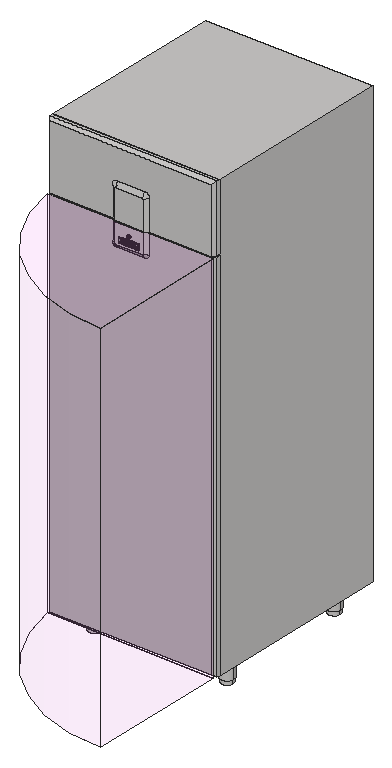
Revit family "QF_ZANUSSI_110213_NCT71FRAA", category Specialty Equipment, Revit 2018
Family settings
  Round Connector Dimension = Use Diameter
  Part Type = Normal
  Work Plane-Based = No
  Always vertical = Yes
  Cut with Voids When Loaded = No
  Shared = No
  Room Calculation Point = No
Parameters
  Weight = 0.00 kg
  Watts = 40.4128 W
  Volts = 220 V
  URL Manufacturer = "http://professional.electrolux.com/"
  URL = "http://professional.electrolux.com/"
  Steam Supply Size = 0 mm
  Steam Supply Minimum Pressure = 0.0 Pa
  Steam Supply Maximum Pressure = 0.0 Pa
  Steam Pounds per Hour = 0
  Show Logo [instance] = yes
  Show Clearance [instance] = yes
  Refrigeration Suction Line Size = 0 mm
  Refrigeration Liquid Line Size = 0 mm
  Refrigerant Compressor Remote = yes
  Manufacturer = "Zanussi"
  Phase = 1
  Model = "NCT71FRAA"
  Length Actual = 740 mm  # constant formula
  Item Number = "110213"
  Hot Water Size = 0 mm
  Height Actual = 2080 mm  # constant formula
  HP = "0,6 HP"
  Gas Size = 0 mm
  Gas KW = 0
  Gas Input Pressure = 0 W
  Description = "1D FREEZ.670L R290-22° DIG.A304 CLASS C"
  Depth Actual = 885 mm  # constant formula
  Cycle = 0 Hz
  Condensate Return Size = 0 mm
  Compressed Air Volume = 0.0 L/s
  Compressed Air Size = 0 mm
  Compressed Air Pressure = 0.0 Pa
  Cold Water Size = 0 mm
  Accessory = yes
Reference planes
  plane 1 "Center (Front/Back)": y = 0
  plane 2: z = 0
  plane 3 "Center (Left/Right)": x = 0
  plane 4 "LEFT": x = -370
  plane 5 "RIGHT": x = 370
  plane 6 "FRONT": y = -438.5
  plane 7 "BACK": y = 438.5
  plane 8: y = -272.5
  plane 9: y = 341.5
  plane 10: z = 2080
  plane 11: z = 110
  plane 12: z = 2580
  plane 13: z = 1780
Forms (mm)
  Extrusion 1, solid, material "QF_Finishes_Stainless Steel"
    sketch origin (0, 0, 0) x (1, 0, 0) y (0, 1, 0)
      loop
        circle (-278.5, 341.5) r 25
      loop
        circle (278.5, 341.5) r 25
      loop
        circle (-295, -272.5) r 25
      loop
        circle (295, -272.5) r 25
    from 0 to 20
  Extrusion 2, solid, material "QF_Finishes_Stainless Steel"
    sketch origin (0, 0, 0) x (1, 0, 0) y (0, 1, 0)
      loop
        circle (-278.5, 341.5) r 30
      loop
        circle (278.5, 341.5) r 30
      loop
        circle (-295, -272.5) r 30
      loop
        circle (295, -272.5) r 30
    from 20 to 110
  Extrusion 3, solid, material "QF_Finishes_Stainless Steel"
    sketch origin (0, 0, 0) x (1, 0, 0) y (0, 1, 0)
      loop
        line (-370, 438.5) -> (-370, -408.5) -> (370, -408.5) -> (370, 438.5) -> (-370, 438.5)
    from 110 to 2080
  Extrusion 4, solid, material "QF_Finishes_Stainless Steel"
    sketch origin (370, -408.5, 0) x (-1, 0, 0) y (0, 0, -1)
      loop
        line (740, -2080) -> (740, -1782.5) -> (0, -1782.5) -> (0, -2080) -> (740, -2080)
    from 0 to 15
  Blend 5, solid, material "QF_Finishes_Stainless Steel"
    base sketch origin (370, -423.5, 0) x (-1, 0, 0) y (0, 0, -1)
      loop
        line (740, -2080) -> (740, -1782.5) -> (0, -1782.5) -> (0, -2080) -> (740, -2080)
    top sketch origin (370, -423.5, 0) x (-1, 0, 0) y (0, 0, -1)
      loop
        line (730, -2070) -> (730, -1782.5) -> (10, -1782.5) -> (10, -2070) -> (730, -2070)
    from 0 to 15
  Extrusion 6, solid, material "QF_Finishes_Stainless Steel"
    sketch origin (370, -408.5, -272.5) x (-1, 0, 0) y (0, 0, -1)
      loop
        line (740, -2050) -> (740, -382.5) -> (0, -382.5) -> (0, -2050) -> (740, -2050)
    from 0 to 15
  Blend 7, solid, material "QF_Finishes_Stainless Steel"
    base sketch origin (370, -423.5, -272.5) x (-1, 0, 0) y (0, 0, -1)
      loop
        line (740, -2050) -> (740, -382.5) -> (0, -382.5) -> (0, -2050) -> (740, -2050)
    top sketch origin (370, -423.5, -272.5) x (-1, 0, 0) y (0, 0, -1)
      loop
        line (730, -2050) -> (730, -392.5) -> (10, -392.5) -> (10, -2050) -> (730, -2050)
    from 0 to 15
  Extrusion 8, solid, material "QF_Door-Drawer Clearances", visible <- "Show Clearance"
    sketch origin (0, 0, 0) x (1, 0, 0) y (0, 1, 0)
      loop
        line (370, -438.5) -> (-370, -438.5)
        arc (-370, -438.5) -> (-116.296, -890.102) -> (370, -1068.5) r 747.791
        line (370, -1068.5) -> (370, -438.5)
    from 110 to 1777.5
  Blend 9, solid, material "QF_Finishes_Stainless Steel"
    base sketch origin (370, -438.5, 15) x (-1, 0, 0) y (0, 0, -1)
      loop
        arc (430, -1922.5) -> (444.142, -1916.642) -> (450, -1902.5) r 20
        line (450, -1902.5) -> (450, -1677.5)
        arc (450, -1677.5) -> (444.142, -1663.358) -> (430, -1657.5) r 20
        line (430, -1657.5) -> (310, -1657.5)
        arc (310, -1657.5) -> (295.858, -1663.358) -> (290, -1677.5) r 20
        line (290, -1677.5) -> (290, -1902.5)
        arc (290, -1902.5) -> (295.858, -1916.642) -> (310, -1922.5) r 20
        line (310, -1922.5) -> (430, -1922.5)
    top sketch origin (370, -438.5, 15) x (-1, 0, 0) y (0, 0, -1)
      loop
        line (305, -1677.5) -> (305, -1892.5)
        arc (305, -1892.5) -> (306.464, -1896.036) -> (310, -1897.5) r 5
        line (310, -1897.5) -> (430, -1897.5)
        arc (430, -1897.5) -> (433.536, -1896.036) -> (435, -1892.5) r 5
        line (435, -1892.5) -> (435, -1677.5)
        arc (435, -1677.5) -> (433.536, -1673.964) -> (430, -1672.5) r 5
        line (430, -1672.5) -> (310, -1672.5)
        arc (310, -1672.5) -> (306.464, -1673.964) -> (305, -1677.5) r 5
    from 0 to 10
  Extrusion 10, void
    sketch origin (370, -448.5, 15) x (1, 0, 0) y (0, 0, -1)
      loop
        line (-450, -1767.5) -> (-290, -1767.5) -> (-290, -1762.5) -> (-450, -1762.5) -> (-450, -1767.5)
    from 0 to 40
  Extrusion 11, solid, material "QF_Finishes_Stainless Steel"
    sketch origin (-430, 438.5, -75) x (1, 0, 0) y (0, 0, -1)
      loop
        circle (78.041, -2006.09) r 12
    from 0 to 16.547
  Extrusion 12, solid, material "QF_Finishes_Stainless Steel"
    sketch origin (391.25, -448.5, 1326.5) x (-1, 0, 0) y (0, 0, -1)
      loop
        circle (391.018, -413.776) r 7.041
      loop
        arc (390, -414.179) -> (391.013, -419.219) -> (392.047, -414.184) r 2.623
        line (392.047, -414.184) -> (392.047, -408.5) -> (390, -408.5) -> (390, -414.179)
    from 0 to 5.054
  Extrusion 13, solid, material "QF_Finishes_Stainless Steel"
    sketch origin (0, 0, 0) x (1, 0, 0) y (0, 1, 0)
      loop
        circle (0, -249.5) r 12
    from 91.018 to 110
  Extrusion 14, solid, material "QF_Clearance", visible <- "Show Clearance", detail levels coarse
    sketch origin (0, 0, 0) x (1, 0, 0) y (0, 1, 0)
      loop
        line (-390, -438.5) -> (-370, -438.5) -> (-370, 438.5) -> (370, 438.5) -> (370, -438.5) -> (390, -438.5) -> (390, 468.5) -> (-390, 468.5) -> (-390, -438.5)
    from 0 to 2080
  Extrusion 15, solid, material "QF_Clearance", visible <- "Show Clearance", detail levels coarse
    sketch origin (0, 0, 0) x (1, 0, 0) y (0, 1, 0)
      loop
        line (-390, 468.5) -> (-390, -438.5) -> (390, -438.5) -> (390, 468.5) -> (-390, 468.5)
    from 2080 to 2580
Cuts and joins
  Extrusion 10 cuts Extrusion 4
  Extrusion 10 cuts Blend 5
  joined: Extrusion 4, Blend 5
  Extrusion 10 cuts Extrusion 3
  Extrusion 10 cuts Extrusion 6
  joined: Extrusion 6, Blend 7
  Extrusion 10 cuts Extrusion 8
  Extrusion 10 cuts Blend 9
  joined: Extrusion 14, Extrusion 15
  joined: Extrusion 1, Extrusion 2
Lines and regions (mm)
  Split face 1
    outline origin (0, -448.5, 1800) x (0, 0, 1) y (-1, 0, 0)
      loop
        line (-22.5, 55) -> (-112.5, 55)
      loop
        line (-22.5, 50) -> (-112.5, 50)
  Split face 2
    outline origin (0, -448.5, 1800) x (0, 0, 1) y (-1, 0, 0)
      loop
        line (-22.5, -50) -> (-112.5, -50)
      loop
        line (-22.5, -55) -> (-112.5, -55)
  Split face 3
    outline origin (0, -448.5, 1800) x (0, 0, 1) y (-1, 0, 0)
      loop
        line (-17.5, 35) -> (96.079, 35)
        arc (96.079, 35) -> (99.615, 33.536) -> (101.079, 30) r 5
        line (101.079, 30) -> (101.079, -30)
        arc (101.079, -30) -> (99.615, -33.536) -> (96.079, -35) r 5
        line (96.079, -35) -> (-17.5, -35)
  Split face 4
    outline origin (0, -448.5, 1800) x (0, 0, 1) y (-1, 0, 0)
      loop
        line (-22.5, 35) -> (-33.75, 35)
        arc (-33.75, 35) -> (-37.286, 33.536) -> (-38.75, 30) r 5
        line (-38.75, 30) -> (-38.75, -30)
        arc (-38.75, -30) -> (-37.286, -33.536) -> (-33.75, -35) r 5
        line (-33.75, -35) -> (-22.5, -35)
  Split face 5
    outline origin (0, -448.5, 1800) x (0, 0, 1) y (-1, 0, 0)
      loop
        line (31.857, 30) -> (16.732, 30) -> (16.732, -30) -> (31.857, -30) -> (31.857, 30)
  Split face 6
    outline origin (0, -448.5, 1800) x (0, 0, 1) y (-1, 0, 0)
      loop
        line (-17.5, 55) -> (112.5, 55)
      loop
        line (-17.5, 50) -> (112.5, 50)
      loop
        line (-17.5, -50) -> (112.5, -50)
      loop
        line (-17.5, -55) -> (112.5, -55)
  symbolic lines
    curve 1: line (-370, 438.5, 0) -> (370, 438.5, 0)
    curve 2: line (-370, -438.5, 0) -> (-370, 438.5, 0)
    curve 3: line (370, -438.5, 0) -> (-370, -438.5, 0)
    curve 4: line (370, 438.5, 0) -> (370, -438.5, 0)
  symbolic lines, style "QF_Door-Drawer Clearances"
    curve 5: line (370, -1068.5, 0) -> (370, -438.5, 0)
    curve 6: arc (-370, -438.5, 0) -> (-116.296, -890.102, 0) -> (370, -1068.5, 0) r 747.791
  symbolic lines, style "QF_Clearances", visible <- "Show Clearance", detail levels coarse
    curve 7: line (-390, -438.5, 0) -> (-390, 468.5, 0)
    curve 8: line (-390, 468.5, 0) -> (390, 468.5, 0)
    curve 9: line (390, 468.5, 0) -> (390, -438.5, 0)
  symbolic lines, style "SpecialityEquipment"
    curve 10: line (-80, -438.5, 0) -> (-65, -448.5, 0)
    curve 11: line (-65, -448.5, 0) -> (65, -448.5, 0)
    curve 12: line (65, -448.5, 0) -> (80, -438.5, 0)
Dimensions and locks
  equal spacing: plane 4 "LEFT", plane 3 "Center (Left/Right)", plane 5 "RIGHT"
  equal spacing: plane 7 "BACK", plane 1 "Center (Front/Back)", plane 6 "FRONT"
  plane 7 "BACK" to plane 6 "FRONT" = 877 mm
  plane 4 "LEFT" to plane 5 "RIGHT" = 740 mm
  plane 8 to plane 6 "FRONT" = 166 mm
  plane 10 to level = 2080 mm
  locked: plane 11 to plane 2 at 110
  locked: plane 7 "BACK" to plane 9 at 97
  plane 9 to plane 8 = 614 mm
  plane 4 "LEFT" to Extrusion 6 = 740 mm
  locked: plane 12 to plane 10 at 500
  plane 4 "LEFT" to Extrusion 1 sketch curve = 91.5 mm
  Extrusion 1 sketch curve to plane 5 "RIGHT" = 91.5 mm
  plane 4 "LEFT" to Extrusion 2 sketch curve = 91.5 mm
  Extrusion 2 sketch curve to plane 5 "RIGHT" = 91.5 mm
  aligned and locked: level to plane 2
  aligned and locked: plane 11 to Extrusion 2
  aligned and locked: Extrusion 2 to Extrusion 1
  aligned and locked: Extrusion 3 sketch curve to curve 1
  aligned and locked: curve 2 to Extrusion 3 sketch curve
  aligned and locked: plane 10 to Extrusion 3
  aligned and locked: Extrusion 3 to plane 11
  aligned and locked: Extrusion 4 sketch curve to Extrusion 3  (x2)
  aligned and locked: Extrusion 4 sketch curve to plane 5 "RIGHT"
  aligned and locked: Blend 5 sketch curve to Extrusion 3  (x2)
  aligned and locked: Blend 7 sketch curve to Extrusion 6  (x2)
  aligned and locked: plane 6 "FRONT" to Extrusion 8 sketch curve
  aligned and locked: Extrusion 8 to plane 11
  aligned and locked: plane 11 to Extrusion 13
  aligned and locked: Extrusion 6 to plane 11
  aligned and locked: Extrusion 14 sketch curve to plane 6 "FRONT"
  aligned and locked: Extrusion 14 sketch curve to curve 2
  aligned and locked: curve 1 to Extrusion 14 sketch curve
  aligned and locked: Extrusion 14 sketch curve to curve 4
  aligned and locked: plane 6 "FRONT" to Extrusion 14 sketch curve
  aligned and locked: Extrusion 15 sketch curve to Extrusion 14  (x2)
  aligned and locked: Extrusion 15 to plane 10
Automatic sketch dimensions
  Extrusion 3 sketch curve to plane 5 "RIGHT" = 0 mm
  Extrusion 6 to Blend 7 sketch curve = 0 mm
  Blend 7 sketch curve to Extrusion 6 = 0 mm  (x2)
  Blend 7 sketch curve to Extrusion 6 = 10 mm  (x3)
  Blend 9 sketch curve to Blend 9 sketch curve = 20 mm  (x4)
  Blend 9 sketch curve to Blend 5 = 125 mm
  Blend 9 sketch curve to Blend 5 = 295 mm
  Blend 9 sketch curve to Blend 9 sketch curve = 5 mm  (x3)
  Blend 9 sketch curve to Blend 9 sketch curve = 120 mm  (x3)
  Blend 5 to Blend 9 sketch curve = 90 mm  (x2)
  Split face 1 sketch curve to cut or joined group of Blend 9, Extrusion 10 = 0 mm  (x4)
  Split face 1 sketch curve to cut or joined group of Blend 9, Extrusion 10 = 15 mm
  Split face 1 sketch curve to Split face 1 sketch curve = 5 mm
  Split face 2 sketch curve to cut or joined group of Blend 9, Extrusion 10 = 0 mm  (x4)
  Split face 2 sketch curve to cut or joined group of Blend 9, Extrusion 10 = 10 mm
  Split face 2 sketch curve to Split face 2 sketch curve = 5 mm
  Split face 3 sketch curve to cut or joined group of Blend 9, Extrusion 10 = 0 mm  (x2)
  Split face 3 sketch curve to cut or joined group of Blend 9, Extrusion 10 = 16.421 mm  (x2)
  Split face 3 sketch curve to cut or joined group of Blend 9, Extrusion 10 = 11.421 mm
  Split face 3 sketch curve to cut or joined group of Blend 9, Extrusion 10 = 30 mm
  Split face 3 sketch curve to cut or joined group of Blend 9, Extrusion 10 = 35 mm
  Split face 4 sketch curve to cut or joined group of Blend 9, Extrusion 10 = 0 mm  (x2)
  cut or joined group of Blend 9, Extrusion 10 to Split face 4 sketch curve = 11.25 mm  (x2)
  Split face 4 sketch curve to Split face 4 sketch curve = 5 mm
  Split face 4 sketch curve to cut or joined group of Blend 9, Extrusion 10 = 30 mm
  Split face 4 sketch curve to cut or joined group of Blend 9, Extrusion 10 = 35 mm
  Split face 5 sketch curve to cut or joined group of Blend 9, Extrusion 10 = 95.768 mm
  Split face 5 sketch curve to Split face 5 sketch curve = 15.125 mm
  Split face 5 sketch curve to cut or joined group of Blend 9, Extrusion 10 = 35 mm  (x2)
  Extrusion 11 sketch curve to Extrusion 3 = 18.041 mm
  Extrusion 3 to Extrusion 11 sketch curve = 148.91 mm
  Extrusion 13 sketch curve to plane 3 "Center (Left/Right)" = 0 mm
  Extrusion 12 sketch curve to Blend 9 = 66.25 mm
  Extrusion 12 sketch curve to Extrusion 12 sketch curve = 1.018 mm  (x2)
  Extrusion 12 sketch curve to Extrusion 12 sketch curve = 2.047 mm
  Extrusion 12 sketch curve to Blend 9 = 55.596 mm
  Extrusion 12 sketch curve to Extrusion 12 sketch curve = 2.82 mm
  Extrusion 12 sketch curve to Extrusion 12 sketch curve = 0.403 mm
  Extrusion 12 sketch curve to Extrusion 12 sketch curve = 5.679 mm
  Extrusion 12 sketch curve to Extrusion 12 sketch curve = 0 mm
  Blend 9 sketch curve to Blend 5 = 132.5 mm
  Blend 5 sketch curve to plane 5 "RIGHT" = 10 mm
  plane 4 "LEFT" to Blend 5 sketch curve = 10 mm
  Blend 5 sketch curve to plane 10 = 10 mm
  Extrusion 6 sketch curve to Extrusion 3 = 0 mm  (x2)
  Extrusion 3 to Extrusion 6 sketch curve = 0 mm
  plane 8 to Extrusion 13 sketch curve = 23 mm
  Extrusion 3 to Extrusion 6 sketch curve = 302.5 mm
  Extrusion 10 sketch curve to Extrusion 10 sketch curve = 5 mm
  Extrusion 3 to Extrusion 4 sketch curve = 297.5 mm
  Blend 5 sketch curve to Extrusion 4 = 0 mm  (x3)
  Blend 9 to Extrusion 10 sketch curve = 95 mm
  Split face 6 sketch curve to cut or joined group of Blend 9, Extrusion 10 = 0 mm  (x8)
  Split face 6 sketch curve to cut or joined group of Blend 9, Extrusion 10 = 10 mm
  Split face 6 sketch curve to Split face 6 sketch curve = 5 mm  (x2)
  Split face 6 sketch curve to cut or joined group of Blend 9, Extrusion 10 = 15 mm
  Extrusion 8 sketch curve to plane 4 "LEFT" = 0 mm
  Extrusion 8 sketch curve to plane 5 "RIGHT" = 0 mm
  Extrusion 8 sketch curve to plane 5 "RIGHT" = 1.545 mm
  Extrusion 1 sketch curve to plane 8 = 0 mm  (x2)
  Extrusion 1 sketch curve to plane 9 = 0 mm  (x2)
  Extrusion 14 sketch curve to plane 4 "LEFT" = 20 mm
  Extrusion 14 sketch curve to Extrusion 14 sketch curve = 20 mm
  plane 7 "BACK" to Extrusion 14 sketch curve = 30 mm
  Extrusion 15 sketch curve to plane 4 "LEFT" = 20 mm
  plane 7 "BACK" to Extrusion 15 sketch curve = 30 mm
  plane 4 "LEFT" to Extrusion 1 sketch curve = 75 mm
  Extrusion 1 sketch curve to plane 5 "RIGHT" = 75 mm
  plane 6 "FRONT" to Extrusion 3 sketch curve = 30 mm
  Extrusion 8 sketch curve to Extrusion 8 sketch curve = 630 mm
  Blend 9 sketch curve to Blend 5 = 280 mm
  Extrusion 10 sketch curve to Blend 9 = 15 mm  (x2)
  Extrusion 2 sketch curve to plane 8 = 0 mm  (x2)
  Extrusion 2 sketch curve to plane 9 = 0 mm  (x2)
  plane 4 "LEFT" to Extrusion 2 sketch curve = 75 mm
  Extrusion 2 sketch curve to plane 5 "RIGHT" = 75 mm
  curve 7 to plane 6 "FRONT" = 0 mm
  curve 2 to plane 4 "LEFT" = 0 mm
  curve 10 to plane 6 "FRONT" = 0 mm
  curve 5 to plane 5 "RIGHT" = 0 mm
  curve 1 to plane 5 "RIGHT" = 0 mm
  curve 9 to plane 6 "FRONT" = 0 mm
  curve 1 to plane 7 "BACK" = 0 mm
  curve 7 to plane 4 "LEFT" = 20 mm
  curve 10 to plane 3 "Center (Left/Right)" = 65 mm
  curve 6 to plane 5 "RIGHT" = 1.545 mm
  plane 5 "RIGHT" to curve 8 = 20 mm
  curve 5 to curve 3 = 630 mm
  plane 7 "BACK" to curve 8 = 30 mm
  curve 10 to curve 10 = 15 mm
  curve 12 to plane 6 "FRONT" = 10 mm
  plane 3 "Center (Left/Right)" to curve 12 = 65 mm
  curve 11 to curve 12 = 15 mm
  radius of Extrusion 11 sketch curve = 12 mm
  radius of Extrusion 13 sketch curve = 12 mm
  radius of Extrusion 12 sketch curve = 7.041 mm
  radius of Extrusion 1 sketch curve = 25 mm  (x4)
  radius of Extrusion 2 sketch curve = 30 mm  (x4)
Nested families
  nested 1: "ZAN_Logo_S_Grey" at (0, -448.5, 1713.75) x (1, 0, 0) z (0, -1, 0), visible <- "Show Logo", type "ZAN_Logo_S_Grey"
Connectors
  electrical at (-351.959, 455.047, 1931.09)
    settings: on Extrusion 11, index 1, voltage 0 V, apparent load 0 VA, apparent load phase1 0 VA, apparent load phase2 0 VA, apparent load phase3 0 VA, power factor 1, load classification "Other", number of poles 1, system type 30, power factor state 1, is connector primary yes, connector utility no, sub classification motor no, connector description "Elctrical Connection"
  piping at (0, -249.5, 91.018), diameter 24
    settings: on Extrusion 13, index 2, connector inside diameter 609.6 mm, connector length 0 mm, flow factor 0, pipe flow 0.0 L/s, pressure drop 0.0 Pa, fitting loss kfactor 0, connector angle 0.00°, fixture units 0, engagement length 0 mm, angle of deflection 0.00°, flow configuration 1, flow direction 2, fitting loss method 0, system type 16, joint type 0, gender type 0, connector reference index -1, connector utility 0, adjustable connector no, is connector primary yes, connector description "Drain"
Definition of nested family "ZAN_Logo_S_Grey"
  Parameters
    Default Elevation = 0 mm
  Reference planes
    plane 1 "Centro (Fronte/Retro)": y = 0
    plane 2: z = 0
    plane 3 "Centro (Sinistra/Destra)": x = 0
  Forms (mm)
    Extrusion 1, solid
      sketch origin (0, 0, 0) x (1, 0, 0) y (0, 1, 0)
        loop
          line (-1219.2, 1219.2) -> (-1219.2, -1219.2) -> (1219.2, -1219.2) -> (1219.2, 1219.2) -> (-1219.2, 1219.2)
      from 0 to -304.8
    Extrusion 2, solid
      sketch origin (17.793, -46.218, 0) x (-1, 0, 0) y (0, -1, 0)
        loop
          spline (-4.176, -58.079) -> (-3.496, -58.328) -> (-2.793, -58.512) -> (-2.075, -58.63) -> (-1.348, -58.682) -> (-0.619, -58.669) -> (0.106, -58.588) -> (0.818, -58.44) -> (1.512, -58.225) -> (2.18, -57.941) -> (2.817, -57.589) -> (3.414, -57.167) -> (3.966, -56.676)
          spline (3.966, -56.676) -> (4.293, -56.162) -> (4.575, -55.61) -> (4.81, -55.026) -> (5, -54.419) -> (5.146, -53.797) -> (5.247, -53.166) -> (5.304, -52.536) -> (5.318, -51.913) -> (5.288, -51.306) -> (5.217, -50.723) -> (5.103, -50.17) -> (4.949, -49.657)
          line (4.949, -49.657) -> (2.702, -46.428) -> (0.316, -44.323)
          spline (0.316, -44.323) -> (0.065, -44.115) -> (-0.195, -43.909) -> (-0.46, -43.704) -> (-0.729, -43.496) -> (-0.997, -43.282) -> (-1.263, -43.059) -> (-1.523, -42.825) -> (-1.774, -42.576) -> (-2.013, -42.309) -> (-2.238, -42.022) -> (-2.445, -41.712) -> (-2.632, -41.375)
          spline (-2.632, -41.375) -> (-2.666, -41.159) -> (-2.697, -40.934) -> (-2.722, -40.701) -> (-2.736, -40.465) -> (-2.736, -40.227) -> (-2.72, -39.989) -> (-2.682, -39.754) -> (-2.621, -39.524) -> (-2.533, -39.302) -> (-2.414, -39.091) -> (-2.261, -38.892) -> (-2.07, -38.708)
          line (-2.07, -38.708) -> (-0.245, -38.567)
          spline (-0.245, -38.567) -> (0.096, -38.8) -> (0.354, -39.074) -> (0.54, -39.381) -> (0.664, -39.716) -> (0.738, -40.073) -> (0.772, -40.445) -> (0.777, -40.825) -> (0.763, -41.208) -> (0.742, -41.588) -> (0.723, -41.957) -> (0.718, -42.309) -> (0.737, -42.638)
          line (0.737, -42.638) -> (5.65, -42.638)
          spline (5.65, -42.638) -> (5.708, -42.042) -> (5.741, -41.448) -> (5.747, -40.857) -> (5.723, -40.273) -> (5.668, -39.696) -> (5.58, -39.129) -> (5.457, -38.574) -> (5.297, -38.032) -> (5.098, -37.506) -> (4.857, -36.997) -> (4.574, -36.508) -> (4.247, -36.041)
          spline (4.247, -36.041) -> (3.844, -35.675) -> (3.409, -35.35) -> (2.946, -35.065) -> (2.458, -34.819) -> (1.949, -34.612) -> (1.421, -34.444) -> (0.88, -34.314) -> (0.326, -34.221) -> (-0.234, -34.165) -> (-0.8, -34.146) -> (-1.366, -34.163) -> (-1.93, -34.216)
          spline (-1.93, -34.216) -> (-2.526, -34.309) -> (-3.116, -34.448) -> (-3.695, -34.633) -> (-4.259, -34.861) -> (-4.801, -35.131) -> (-5.316, -35.444) -> (-5.799, -35.798) -> (-6.245, -36.191) -> (-6.648, -36.624) -> (-7.002, -37.095) -> (-7.303, -37.603) -> (-7.545, -38.146)
          spline (-7.545, -38.146) -> (-7.694, -38.815) -> (-7.792, -39.487) -> (-7.839, -40.158) -> (-7.836, -40.824) -> (-7.785, -41.482) -> (-7.685, -42.129) -> (-7.539, -42.762) -> (-7.347, -43.377) -> (-7.111, -43.97) -> (-6.83, -44.538) -> (-6.506, -45.078) -> (-6.141, -45.586)
          line (-6.141, -45.586) -> (-0.526, -50.64) -> (0.176, -51.482)
          spline (0.176, -51.482) -> (0.248, -51.66) -> (0.323, -51.843) -> (0.397, -52.03) -> (0.467, -52.22) -> (0.529, -52.412) -> (0.579, -52.605) -> (0.615, -52.798) -> (0.633, -52.989) -> (0.63, -53.179) -> (0.601, -53.366) -> (0.545, -53.55) -> (0.456, -53.728)
          spline (0.456, -53.728) -> (0.375, -53.892) -> (0.273, -54.034) -> (0.154, -54.155) -> (0.02, -54.258) -> (-0.126, -54.343) -> (-0.28, -54.412) -> (-0.441, -54.466) -> (-0.604, -54.508) -> (-0.767, -54.537) -> (-0.928, -54.556) -> (-1.082, -54.567) -> (-1.228, -54.57)
          line (-1.228, -54.57) -> (-2.632, -53.587) -> (-2.772, -50.64) -> (-7.405, -50.64)
          spline (-7.405, -50.64) -> (-7.41, -51.031) -> (-7.423, -51.432) -> (-7.44, -51.839) -> (-7.456, -52.251) -> (-7.469, -52.665) -> (-7.475, -53.079) -> (-7.468, -53.489) -> (-7.446, -53.894) -> (-7.404, -54.291) -> (-7.339, -54.679) -> (-7.247, -55.053) -> (-7.123, -55.412)
          spline (-7.123, -55.412) -> (-6.999, -55.693) -> (-6.837, -55.97) -> (-6.643, -56.244) -> (-6.422, -56.509) -> (-6.177, -56.765) -> (-5.913, -57.009) -> (-5.634, -57.238) -> (-5.346, -57.45) -> (-5.051, -57.643) -> (-4.755, -57.814) -> (-4.462, -57.96) -> (-4.176, -58.079)
        loop
          spline (-21.021, -55.552) -> (-20.633, -56.181) -> (-20.177, -56.736) -> (-19.661, -57.217) -> (-19.092, -57.627) -> (-18.478, -57.966) -> (-17.827, -58.237) -> (-17.147, -58.441) -> (-16.446, -58.578) -> (-15.73, -58.652) -> (-15.009, -58.662) -> (-14.29, -58.611) -> (-13.581, -58.5)
          spline (-13.581, -58.5) -> (-13.088, -58.407) -> (-12.595, -58.269) -> (-12.109, -58.088) -> (-11.636, -57.866) -> (-11.183, -57.605) -> (-10.756, -57.307) -> (-10.361, -56.974) -> (-10.004, -56.608) -> (-9.692, -56.211) -> (-9.431, -55.784) -> (-9.228, -55.33) -> (-9.089, -54.851)
          spline (-9.089, -54.851) -> (-8.873, -54.211) -> (-8.715, -53.559) -> (-8.615, -52.901) -> (-8.574, -52.241) -> (-8.592, -51.585) -> (-8.668, -50.938) -> (-8.802, -50.306) -> (-8.995, -49.693) -> (-9.247, -49.106) -> (-9.557, -48.55) -> (-9.925, -48.03) -> (-10.352, -47.551)
          line (-10.352, -47.551) -> (-15.546, -42.919) -> (-16.669, -41.234)
          spline (-16.669, -41.234) -> (-16.704, -41.021) -> (-16.735, -40.804) -> (-16.761, -40.583) -> (-16.778, -40.361) -> (-16.784, -40.139) -> (-16.774, -39.919) -> (-16.748, -39.701) -> (-16.7, -39.488) -> (-16.63, -39.28) -> (-16.533, -39.08) -> (-16.406, -38.889) -> (-16.248, -38.708)
          line (-16.248, -38.708) -> (-14.844, -38.427)
          spline (-14.844, -38.427) -> (-14.347, -38.545) -> (-13.969, -38.749) -> (-13.695, -39.028) -> (-13.508, -39.368) -> (-13.393, -39.757) -> (-13.335, -40.182) -> (-13.318, -40.63) -> (-13.326, -41.089) -> (-13.344, -41.546) -> (-13.356, -41.988) -> (-13.347, -42.403) -> (-13.3, -42.779)
          line (-13.3, -42.779) -> (-8.387, -42.638)
          spline (-8.387, -42.638) -> (-8.326, -42.034) -> (-8.288, -41.417) -> (-8.277, -40.794) -> (-8.299, -40.169) -> (-8.357, -39.548) -> (-8.457, -38.936) -> (-8.604, -38.339) -> (-8.803, -37.762) -> (-9.058, -37.21) -> (-9.375, -36.689) -> (-9.758, -36.204) -> (-10.212, -35.76)
          spline (-10.212, -35.76) -> (-10.793, -35.336) -> (-11.409, -34.976) -> (-12.054, -34.679) -> (-12.723, -34.445) -> (-13.409, -34.273) -> (-14.107, -34.163) -> (-14.811, -34.115) -> (-15.515, -34.127) -> (-16.213, -34.2) -> (-16.899, -34.333) -> (-17.568, -34.526) -> (-18.213, -34.777)
          spline (-18.213, -34.777) -> (-18.496, -34.897) -> (-18.783, -35.044) -> (-19.071, -35.216) -> (-19.357, -35.412) -> (-19.639, -35.629) -> (-19.915, -35.865) -> (-20.182, -36.119) -> (-20.438, -36.389) -> (-20.681, -36.672) -> (-20.907, -36.967) -> (-21.115, -37.272) -> (-21.301, -37.585)
          spline (-21.301, -37.585) -> (-21.55, -38.26) -> (-21.734, -38.948) -> (-21.854, -39.647) -> (-21.91, -40.351) -> (-21.901, -41.057) -> (-21.828, -41.761) -> (-21.69, -42.459) -> (-21.489, -43.148) -> (-21.222, -43.823) -> (-20.892, -44.48) -> (-20.497, -45.116) -> (-20.038, -45.726)
          line (-20.038, -45.726) -> (-14.142, -51.061) -> (-13.44, -52.886) -> (-14.002, -54.289) -> (-15.265, -54.57) -> (-16.669, -53.587) -> (-16.81, -50.78) -> (-21.582, -50.64)
          spline (-21.582, -50.64) -> (-21.558, -51.063) -> (-21.55, -51.491) -> (-21.554, -51.92) -> (-21.561, -52.35) -> (-21.567, -52.778) -> (-21.565, -53.201) -> (-21.547, -53.619) -> (-21.509, -54.029) -> (-21.444, -54.43) -> (-21.345, -54.818) -> (-21.206, -55.193) -> (-21.021, -55.552)
        loop
          line (-22.424, -34.216) -> (-27.337, -34.216) -> (-27.337, -58.22) -> (-22.424, -58.22) -> (-22.424, -34.216)
        loop
          line (14.213, -39.971) -> (14.213, -58.22) -> (19.126, -58.22) -> (19.126, -42.077) -> (18.845, -38.146) -> (18.424, -37.164) -> (17.442, -35.9) -> (16.459, -35.199) -> (14.494, -34.356) -> (13.511, -34.216) -> (11.265, -34.216) -> (10.142, -34.497) -> (8.458, -35.479) -> (6.493, -38.287) -> (6.352, -39.269) -> (6.352, -58.22) -> (11.265, -58.22) -> (11.265, -40.392) -> (11.827, -39.129) -> (13.371, -38.988) -> (14.213, -39.971)
        loop
          line (20.249, -58.22) -> (24.741, -58.22) -> (24.741, -42.919) -> (28.812, -58.22) -> (34.006, -58.22) -> (34.006, -34.216) -> (29.654, -34.216) -> (29.654, -50.078) -> (25.583, -34.216) -> (20.249, -34.216) -> (20.249, -58.22)
        loop
          line (50.149, -58.22) -> (62.361, -58.22) -> (62.361, -53.728) -> (55.904, -53.868) -> (62.923, -39.129) -> (62.923, -34.216) -> (50.149, -34.216) -> (50.149, -39.129) -> (57.517, -39.129) -> (50.149, -54.149) -> (50.149, -58.22)
        loop
          line (38.778, -58.22) -> (45.516, -58.22) -> (49.868, -34.216) -> (44.814, -34.216) -> (44.113, -38.848) -> (40.042, -38.848) -> (39.34, -34.216) -> (34.286, -34.216) -> (38.778, -58.22)
        loop
          line (43.551, -43.2) -> (40.744, -43.2) -> (42.147, -54.117) -> (43.551, -43.2)
      from 0 to 1.644
  Dimensions and locks
    aligned and locked: plane 2 to Extrusion 1
    aligned and locked: level to Extrusion 1
